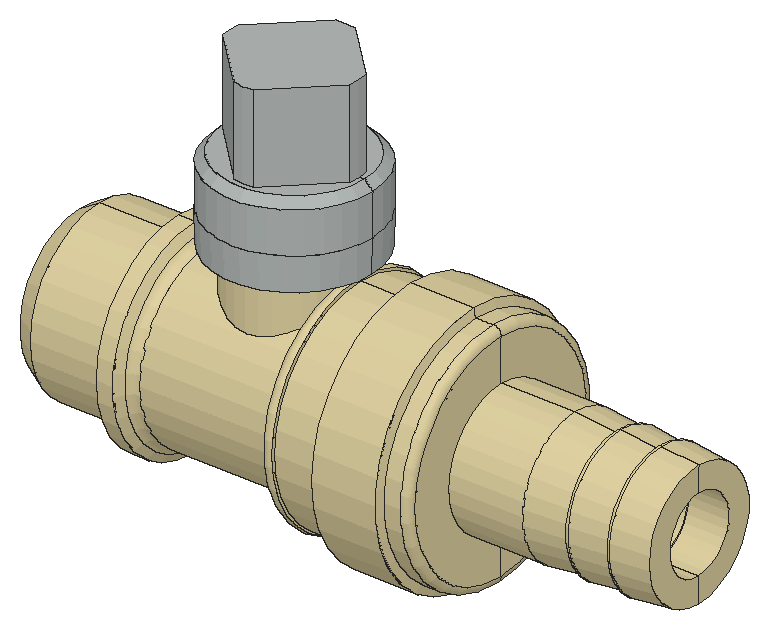
Revit family "QL23601015", category Apparecchi idraulici, Revit 2020
Family settings
  Quota connettore circolare = Usa diametro
  Tipo di parte = Normale
  Numero OmniClass = 23.45.00.00
  Titolo OmniClass = Sanitary, Laundry, and Cleaning Equipment
  Basato su piano di lavoro = No
  Sempre verticale = Sì
  Taglio con vuoti quando caricato = No
  Condiviso = No
  Punto di calcolo locali = No
Parameters
  URL = "https://web.cimberio.it/index.php/figura/151?subcategoria_id="
  Temperatura di esercizio = "-20 ÷ 90°C"
  Prospetto di default = 0 mm
  Produttore = "CIMBERIO SPA"
  Pressione nominale = "PN 16"
  Modello = "Cim 190"
  Materiale = "Prodotto in lega di ottone conforme alla norma EN 12165-CW617N-DW"
  Descrizione = "Realizzato in ottemperanza ai requisiti gestionali della norma EN ISO 9001.\r\nCollaudato al 100% secondo la normativa EN 12266-1.\r\nUtilizzato per impianti idraulici domestici e commerciali, impianti di riscaldamento come scarico caldaia"
  DN [instance] = 9 mm
  Type Comments = ""
Reference planes
  plane 1 "Centro (Fronte/Retro)": y = 0
  plane 2: z = 0
  plane 3 "Centro (Sinistra/Destra)": x = 0
Forms (mm)
  Revolve 1, solid, material "Cim_Lega di ottone gialla filetto"
    sketch origin (0, 0, 0) x (1, 0, 0) y (0, 0, 1)
      loop
        line (-26, 4.5) -> (-14, 4.5) -> (-14, 10.45) -> (-23.59, 10.45) -> (-26, 9.007) -> (-26, 4.5)
      axis (-26, 0) -> (-14, 0)
    angle from 0 to 360
  Revolve 2, solid, material "Cim_Lega di ottone gialla"
    sketch origin (0, 0, 0) x (1, 0, 0) y (0, 0, 1)
      loop
        line (-14, -4.5) -> (-14, -12.5) -> (-12, -12.5) -> (-11.423, -11.5)
        arc (-11.423, -11.5) -> (-10.874, -10.951) -> (-10.124, -10.75) r 1.5
        line (-10.124, -10.75) -> (5.412, -10.75) -> (6.711, -13)
        arc (6.711, -13) -> (7.277, -13.454) -> (8, -13.406) r 1
        line (8, -13.406) -> (8, -4.5) -> (-14, -4.5)
      axis (-14, 0) -> (8, 0)
    angle from 0 to 360
  Revolve 3, solid, material "Cim_Lega di ottone gialla filetto"
    sketch origin (0, 0, 0) x (1, 0, 0) y (0, 0, 1)
      loop
        line (8, 13.125) -> (8, 4.5) -> (13.5, 4.5) -> (13.5, 13.125) -> (8, 13.125)
      axis (8, 0) -> (13.5, 0)
    angle from 0 to 360
  Revolve 4, solid, material "Cim_Lega di ottone gialla"
    sketch origin (0, 0, 0) x (1, 0, 0) y (0, 0, 1)
      loop
        arc (25, 13) -> (24.707, 13.707) -> (24, 14) r 1
        line (24, 14) -> (22, 14) -> (21.733, 14.997) -> (14.075, 14.997) -> (13.5, 13.943) -> (13.5, 4.5) -> (25, 4.5) -> (25, 13)
      axis (13.5, 0) -> (25, 0)
    angle from 0 to 360
  Revolve 5, solid, material "Cim_Lega di ottone gialla"
    sketch origin (0, 0, 0) x (1, 0, 0) y (0, 0, 1)
      loop
        line (34, 8) -> (25, 8) -> (25, 4.5) -> (39, 4.5) -> (39, 7.5) -> (34, 8)
      axis (39, 0) -> (25, 0)
    angle from 0 to 360
  Revolve 6, solid, material "Cim_Lega di ottone gialla"
    sketch origin (0, 0, 0) x (1, 0, 0) y (0, 0, 1)
      loop
        line (44, 7.5) -> (39.518, 7.969)
        arc (39.518, 7.969) -> (39.155, 7.851) -> (39, 7.502) r 0.469
        line (39, 7.502) -> (39, 4.5) -> (44, 4.5) -> (44, 7.5)
      axis (39, 0) -> (44, 0)
    angle from 0 to 360
  Revolve 7, solid, material "Cim_Lega di ottone gialla"
    sketch origin (5, 0, 0) x (1, 0, 0) y (0, 0, 1)
      loop
        line (44, 7.5) -> (39.518, 7.969)
        arc (39.518, 7.969) -> (39.155, 7.851) -> (39, 7.502) r 0.469
        line (39, 7.502) -> (39, 4.5) -> (44, 4.5) -> (44, 7.5)
      axis (39, 0) -> (44, 0)
    angle from 0 to 360
  Revolve 8, solid, material "Cim_Lega di ottone gialla"
    sketch origin (0, 0, 0) x (1, 0, 0) y (0, 0, 1)
      loop
        line (0, 18.3) -> (0, 7.255) -> (7.335, 7.255) -> (7.335, 16.85) -> (6.5, 16.85) -> (6.5, 18.3) -> (0, 18.3)
      axis (0, 18.3) -> (0, 7.255)
    angle from 0 to 360
  Revolve 9, solid, material "Cim_Lega di ottone"
    sketch origin (0, 0, 0) x (1, 0, 0) y (0, 0, 1)
      loop
        line (9.5, 18.3) -> (9.5, 23.3) -> (8.5, 24.3) -> (0, 24.3) -> (0, 14.3) -> (9.396, 14.3) -> (9.5, 18.3)
      axis (0, 24.3) -> (0, 14.3)
    angle from 0 to 360
  Extrusion 10, solid, material "Cim_Lega di ottone"
    sketch origin (0, 0, 0) x (1, 0, 0) y (0, 1, 0)
      loop
        arc (-7.707, 1.203) -> (-7.8, 0) -> (-7.707, -1.203) r 7.8
        line (-7.707, -1.203) -> (-1.203, -7.707)
        arc (-1.203, -7.707) -> (0, -7.8) -> (1.203, -7.707) r 7.8
        line (1.203, -7.707) -> (7.707, -1.203)
        arc (7.707, -1.203) -> (7.8, 0) -> (7.707, 1.203) r 7.8
        line (7.707, 1.203) -> (1.203, 7.707)
        arc (1.203, 7.707) -> (0, 7.8) -> (-1.203, 7.707) r 7.8
        line (-1.203, 7.707) -> (-7.707, 1.203)
    from 23.3 to 34.8
Dimensions and locks
  aligned and locked: level to plane 2
Connectors
  piping at (49, 0, 0), diameter 9, driven by "DN"
    settings: on Revolve 7, index 1, connector inside diameter 609.6 mm, connector length 0 mm, flow factor 0, pipe flow 0.0 L/s, pressure drop 0.0 Pa, fitting loss kfactor 0, connector angle 0.00°, fixture units 0, engagement length 0 mm, angle of deflection 0.00°, flow configuration 0, flow direction 0, fitting loss method 0, system type 7, joint type 0, gender type 0, connector reference index -1, connector utility 0, adjustable connector no, is connector primary yes, connector description ""
  piping at (-26, 0, 0), diameter 9, driven by "DN"
    settings: on Revolve 1, index 2, connector inside diameter 609.6 mm, connector length 0 mm, flow factor 0, pipe flow 0.0 L/s, pressure drop 0.0 Pa, fitting loss kfactor 0, connector angle 0.00°, fixture units 0, engagement length 0 mm, angle of deflection 0.00°, flow configuration 0, flow direction 0, fitting loss method 0, system type 7, joint type 0, gender type 0, connector reference index -1, connector utility 0, adjustable connector no, is connector primary no, connector description ""
